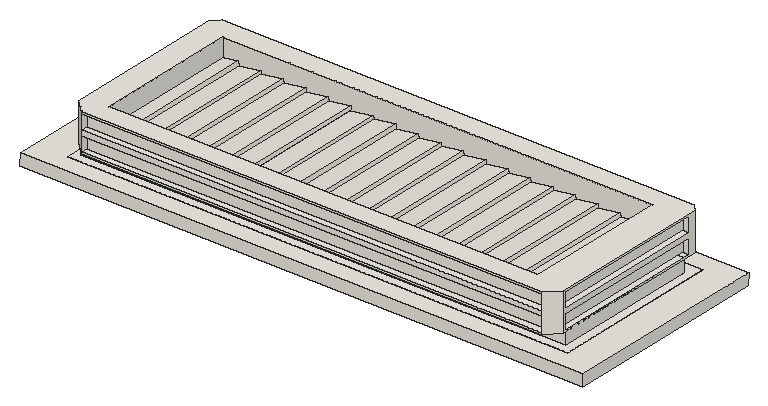
Revit family "Head of Stair Louvre Vent", category Generic Models, host Roof, Revit 2018
Family settings
  Host = Roof
  Can host rebar = No
  Round Connector Dimension = Use Diameter
  Part Type = Normal
  Always vertical = No
  Cut with Voids When Loaded = Yes
  Shared = Yes
  Room Calculation Point = No
Parameters (values of type "1m2 Head of Stairs louvre")
  Width = 700 mm
  Weight = "100 kg"
  URL = ""
  Revision = "1"
  Number of Blades = "21"
  Manufacturer = "EMB"
  Main Material Metal = Powder Coated Aluminium RAL 9010
  Height = "290 mm"
  Geometric Free Area = "At least 1.0 m2"
  Length = 2815 mm  # constant formula
  Flange Width = 3265 mm
  Flange Length = 1150 mm
  Description = "Roof mounted louvre vent designed to provide 1m2 free area"
  Date of Issue = "28.08.18"
  Current = 0.8 A
  Cost = 0
  Certification = "CE EN12101-2"
  Blades Material = Metal
  Author = "R.P."
  Assembly Code = "Smokejet"
Reference planes
  plane 1 "Center (Front/Back)": y = 0
  plane 2 "Roof": z = 4000
  plane 3 "Center (Left/Right)": x = 0
  plane 4 "Bottom of hatch on section": z = 4152.4
  plane 5: x = 400
  plane 6: x = -400
  plane 7: x = 497
  plane 8: x = -497
  plane 9 "Far right plan": x = 605
  plane 10 "Far left plan": x = -605
  plane 11: x = 535
  plane 12: x = -535
  plane 13 "Top of flange on section": z = 4172.4
  plane 14 "Bottom of louvre section": z = 4242.4
  plane 15 "Top of hatch section": z = 4462.4
  plane 16 "Right of louvre plan": x = 607
  plane 17 "Left of louvre plan": x = -605
  plane 18: y = 490
  plane 19: y = -450
  plane 20: y = 450
  plane 21: y = 442
  plane 22: y = -442
  plane 23: y = 415
  plane 24: y = -415
  plane 25: y = 404
  plane 26: y = -404
  plane 27: y = -490
  plane 28: y = 530
  plane 29: y = -530
  plane 30 "2": x = 802
  plane 31 "3": x = -800
  plane 32: y = 600
  plane 33: y = -600
  plane 34: y = -350
  plane 35: y = 350
  plane 36 "4": x = 1409
  plane 37 "5": x = -1407
  plane 38 "6": x = 1633.5
  plane 39 "7": x = -1631.5
  plane 40 "8": x = -1507
  plane 41 "9": x = 1507
  plane 42 "10": x = -1369
  plane 43 "11": x = 1371
Forms (mm)
  Extrusion 1, solid, material "Powder Coated Aluminium RAL 9010" <- "Main Material Metal"
    sketch origin (0, 0, 4242.4) x (-1, 0, 0) y (0, -1, 0)
      loop
        line (1365.935, -530) -> (1407, -488.935) -> (1407, 455.528) -> (1332.528, 530) -> (-1337.557, 530) -> (-1409, 458.557) -> (-1409, -491.963) -> (-1370.963, -530) -> (1365.935, -530)
    from 0 to 220
  Extrusion 2, solid, material "Powder Coated Aluminium RAL 9010" <- "Main Material Metal"
    sketch origin (0, 0, 4172.4) x (-1, 0, 0) y (0, -1, 0)
      loop
        line (1407, 442) -> (-1409, 442) -> (-1409, -415) -> (1407, -415) -> (1407, 442)
      loop
        line (366.233, -404) -> (366.233, 415) -> (-364.806, 415) -> (-364.806, -404) -> (366.233, -404)
    from 0 to 80
  Extrusion 3, solid, material "Powder Coated Aluminium RAL 9010" <- "Main Material Metal"
    sketch origin (0, 0, 4172.4) x (-1, 0, 0) y (0, -1, 0)
      loop
        line (1446.5, -490) -> (1446.5, 490) -> (-1455.218, 490) -> (-1455.218, -490) -> (1446.5, -490)
      loop
        line (1407, -404) -> (1407, 442) -> (-1409, 442) -> (-1409, -404) -> (1407, -404)
    from 0 to -20
  Extrusion 4, solid, material "Powder Coated Aluminium RAL 9010" <- "Main Material Metal"
    sketch origin (0, 0, 4172.4) x (-1, 0, 0) y (0, -1, 0)
      loop
        line (-1633.5, 600) -> (-1633.5, -600) -> (1631.5, -600) -> (1631.5, 600) -> (-1633.5, 600)
      loop
        line (1407, -405) -> (1407, 420) -> (-1409, 420) -> (-1409, -405) -> (1407, -405)
    from -67.06 to 0
  Extrusion 5, void
    sketch origin (0, 0, 4462.4) x (-1, 0, 0) y (0, -1, 0)
      loop
        line (1407, -450) -> (1407, 450) -> (1369, 450) -> (1369, -450) -> (1407, -450)
    from -95 to -10
  Extrusion 6, void
    sketch origin (0, 0, 4462.4) x (-1, 0, 0) y (0, -1, 0)
      loop
        line (1407, -450) -> (1407, 450) -> (1369, 450) -> (1369, -450) -> (1407, -450)
    from -210 to -125
  Extrusion 7, void
    sketch origin (0, 0, 4462.4) x (-1, 0, 0) y (0, -1, 0)
      loop
        line (-1371, -450) -> (-1371, 450) -> (-1409, 450) -> (-1409, -450) -> (-1371, -450)
    from -210 to -125
  Extrusion 8, void
    sketch origin (0, 0, 4462.4) x (-1, 0, 0) y (0, -1, 0)
      loop
        line (-1371, -450) -> (-1371, 450) -> (-1409, 450) -> (-1409, -450) -> (-1371, -450)
    from -95 to -10
  Extrusion 9, void
    sketch origin (0, -60, 4462.4) x (-1, 0, 0) y (0, -1, 0)
      loop
        line (1365.935, -550) -> (-1370.963, -550) -> (-1370.963, -590) -> (1365.935, -590) -> (1365.935, -550)
    from -95 to -10
  Extrusion 10, void
    sketch origin (0, 0, 4462.4) x (-1, 0, 0) y (0, -1, 0)
      loop
        line (1365.935, -490) -> (-1370.963, -490) -> (-1370.963, -530) -> (1365.935, -530) -> (1365.935, -490)
    from -210 to -125
  Extrusion 11, void
    sketch origin (0, 0, 4462.4) x (-1, 0, 0) y (0, -1, 0)
      loop
        line (1332.528, 490) -> (1332.528, 530) -> (-1337.557, 530) -> (-1337.557, 490) -> (1332.528, 490)
    from -210 to -125
  Extrusion 12, void
    sketch origin (0, 0, 4462.4) x (-1, 0, 0) y (0, -1, 0)
      loop
        line (-1337.557, 530) -> (-1337.557, 490) -> (1332.528, 490) -> (1332.528, 530) -> (-1337.557, 530)
    from -95 to -10
  Extrusion 13, void
    sketch origin (0, 0, 4462.4) x (-1, 0, 0) y (0, -1, 0)
      loop
        line (1267, -415) -> (1267, 415) -> (-1225.801, 415) -> (-1225.801, -415) -> (1267, -415)
    from -400 to 0
  Extrusion 14, solid, material "Powder Coated Aluminium RAL 9010" <- "Main Material Metal"
    sketch origin (20, 0, 20) x (1, 0, 0) y (0, 0, 1)
      loop
        line (-411.334, 4324.07) -> (-413.008, 4334.638) -> (-415.971, 4334.168) -> (-413.828, 4320.637) -> (-410.865, 4321.107) -> (-279.916, 4341.847) -> (-277.112, 4324.141) -> (-274.149, 4324.611) -> (-277.422, 4345.279) -> (-411.334, 4324.07)
      loop
        line (-280.55, 4320.789) -> (-282.224, 4331.357) -> (-285.187, 4330.888) -> (-283.044, 4317.357) -> (-280.081, 4317.826) -> (-148.552, 4338.658) -> (-145.977, 4322.397) -> (-143.014, 4322.867) -> (-146.059, 4342.091) -> (-280.55, 4320.789)
      loop
        line (-150.286, 4320.789) -> (-151.96, 4331.357) -> (-154.923, 4330.888) -> (-152.78, 4317.357) -> (-149.817, 4317.826) -> (-18.288, 4338.658) -> (-15.713, 4322.397) -> (-12.75, 4322.867) -> (-15.794, 4342.091) -> (-150.286, 4320.789)
      loop
        line (-20.022, 4320.789) -> (-21.695, 4331.357) -> (-24.658, 4330.888) -> (-22.515, 4317.357) -> (-19.552, 4317.826) -> (111.976, 4338.658) -> (114.552, 4322.397) -> (117.515, 4322.867) -> (114.47, 4342.091) -> (-20.022, 4320.789)
      loop
        line (109.978, 4320.789) -> (108.305, 4331.357) -> (105.342, 4330.888) -> (107.485, 4317.357) -> (110.448, 4317.826) -> (241.976, 4338.658) -> (244.552, 4322.397) -> (247.515, 4322.867) -> (244.47, 4342.091) -> (109.978, 4320.789)
      loop
        line (240.243, 4320.789) -> (238.569, 4331.357) -> (235.606, 4330.888) -> (237.749, 4317.357) -> (240.712, 4317.826) -> (372.241, 4338.658) -> (374.816, 4322.397) -> (377.779, 4322.867) -> (374.734, 4342.091) -> (240.243, 4320.789)
      loop
        line (-541.599, 4324.07) -> (-543.272, 4334.638) -> (-546.236, 4334.168) -> (-544.092, 4320.637) -> (-541.129, 4321.107) -> (-410.18, 4341.847) -> (-407.664, 4325.96) -> (-404.701, 4326.43) -> (-407.686, 4345.279) -> (-541.599, 4324.07)
      loop
        line (-672.383, 4327.351) -> (-674.056, 4337.918) -> (-677.02, 4337.449) -> (-674.876, 4323.918) -> (-671.913, 4324.387) -> (-540.964, 4345.128) -> (-538.16, 4327.422) -> (-535.197, 4327.891) -> (-538.47, 4348.56) -> (-672.383, 4327.351)
      loop
        line (-802.647, 4327.351) -> (-804.321, 4337.918) -> (-807.284, 4337.449) -> (-805.141, 4323.918) -> (-802.178, 4324.387) -> (-671.229, 4345.128) -> (-668.642, 4328.794) -> (-665.679, 4329.263) -> (-668.735, 4348.56) -> (-802.647, 4327.351)
      loop
        line (-933.431, 4329.332) -> (-935.105, 4339.899) -> (-938.068, 4339.43) -> (-935.925, 4325.899) -> (-932.962, 4326.369) -> (-802.013, 4347.109) -> (-799.208, 4329.403) -> (-796.245, 4329.873) -> (-799.519, 4350.541) -> (-933.431, 4329.332)
      loop
        line (-1063.695, 4330.631) -> (-1065.369, 4341.199) -> (-1068.332, 4340.73) -> (-1066.189, 4327.199) -> (-1063.226, 4327.668) -> (-932.277, 4348.408) -> (-929.473, 4330.703) -> (-926.51, 4331.172) -> (-929.783, 4351.841) -> (-1063.695, 4330.631)
      loop
        line (-1193.96, 4328.913) -> (-1195.634, 4339.48) -> (-1198.597, 4339.011) -> (-1196.454, 4325.48) -> (-1193.491, 4325.949) -> (-1062.541, 4346.69) -> (-1060.237, 4332.142) -> (-1057.274, 4332.612) -> (-1060.048, 4350.122) -> (-1193.96, 4328.913)
      loop
        line (-1324.224, 4330.631) -> (-1325.898, 4341.199) -> (-1328.861, 4340.73) -> (-1326.718, 4327.199) -> (-1323.755, 4327.668) -> (-1192.806, 4348.408) -> (-1190.001, 4330.703) -> (-1187.038, 4331.172) -> (-1190.312, 4351.841) -> (-1324.224, 4330.631)
      loop
        line (370.507, 4320.789) -> (368.833, 4331.357) -> (365.87, 4330.888) -> (368.013, 4317.357) -> (370.976, 4317.826) -> (502.505, 4338.658) -> (505.081, 4322.397) -> (508.044, 4322.867) -> (504.999, 4342.091) -> (370.507, 4320.789)
      loop
        line (500.772, 4320.789) -> (499.098, 4331.357) -> (496.135, 4330.888) -> (498.278, 4317.357) -> (501.241, 4317.826) -> (632.769, 4338.658) -> (635.345, 4322.397) -> (638.308, 4322.867) -> (635.263, 4342.091) -> (500.772, 4320.789)
      loop
        line (631.036, 4320.789) -> (629.362, 4331.357) -> (626.399, 4330.888) -> (628.542, 4317.357) -> (631.505, 4317.826) -> (763.034, 4338.658) -> (765.609, 4322.397) -> (768.572, 4322.867) -> (765.528, 4342.091) -> (631.036, 4320.789)
      loop
        line (761.036, 4320.789) -> (759.362, 4331.357) -> (756.399, 4330.888) -> (758.542, 4317.357) -> (761.505, 4317.826) -> (893.034, 4338.658) -> (895.609, 4322.397) -> (898.572, 4322.867) -> (895.528, 4342.091) -> (761.036, 4320.789)
      loop
        line (891.3, 4320.789) -> (889.627, 4331.357) -> (886.663, 4330.888) -> (888.807, 4317.357) -> (891.77, 4317.826) -> (1023.298, 4338.658) -> (1025.874, 4322.397) -> (1028.837, 4322.867) -> (1025.792, 4342.091) -> (891.3, 4320.789)
      loop
        line (1021.3, 4320.789) -> (1019.627, 4331.357) -> (1016.663, 4330.888) -> (1018.807, 4317.357) -> (1021.77, 4317.826) -> (1153.298, 4338.658) -> (1155.874, 4322.397) -> (1158.837, 4322.867) -> (1155.792, 4342.091) -> (1021.3, 4320.789)
      loop
        line (1151.565, 4320.789) -> (1149.891, 4331.357) -> (1146.928, 4330.888) -> (1149.071, 4317.357) -> (1152.034, 4317.826) -> (1283.563, 4338.658) -> (1286.138, 4322.397) -> (1289.101, 4322.867) -> (1286.056, 4342.091) -> (1151.565, 4320.789)
    from -404 to 426.358
  Extrusion 15, void
    sketch origin (0, 0, 4462.4) x (-1, 0, 0) y (0, -1, 0)
      loop
        line (1267, -415) -> (1267, 415) -> (-1225.801, 415) -> (-1225.801, -415) -> (1267, -415)
    from -1500 to -300
Cuts and joins
  Extrusion 5, Extrusion 6, Extrusion 7, Extrusion 8, Extrusion 9, Extrusion 10, Extrusion 11, Extrusion 12, Extrusion 13 cuts Extrusion 1
  Extrusion 13 cuts Extrusion 2
  Extrusion 15 cuts Extrusion 3
Dimensions and locks
  equal spacing: host sketch curve, plane 3 "Center (Left/Right)", host sketch curve
  equal spacing: host sketch curve, plane 1 "Center (Front/Back)", host sketch curve
  plane 10 "Far left plan" to plane 12 = 70 mm
  plane 12 to plane 8 = 38 mm  (x2)
  plane 8 to plane 6 = 97 mm  (x2)
  plane 6 to plane 3 "Center (Left/Right)" = 400 mm  (x2)
  plane 3 "Center (Left/Right)" to plane 9 "Far right plan" = 605 mm
  plane 10 "Far left plan" to plane 9 "Far right plan" = 1210 mm
  plane 29 to plane 1 "Center (Front/Back)" = 530 mm
  plane 29 to plane 28 = 1060 mm
  plane 29 to plane 27 = 40 mm
  plane 27 to plane 19 = 40 mm
  plane 24 to plane 26 = 11 mm
  plane 31 "3" to plane 30 "2" = 1602 mm
  plane 31 "3" to plane 17 "Left of louvre plan" = 195 mm
  plane 17 "Left of louvre plan" to plane 12 = 70 mm
  plane 26 to plane 1 "Center (Front/Back)" = 404 mm
  plane 1 "Center (Front/Back)" to plane 25 = 404 mm
  plane 3 "Center (Left/Right)" to plane 36 "4" = 1409 mm
  plane 37 "5" to plane 36 "4" = 2816 mm
  plane 39 "7" to plane 38 "6" = 3265 mm
  aligned and locked: level to plane 2 "Roof"
Connectors
  electrical at (0, 0, 4172.4)
    settings: index 1, voltage 0 V, apparent load 1 VA, apparent load phase1 0 VA, apparent load phase2 0 VA, apparent load phase3 0 VA, power factor 1, load classification "Other", number of poles 1, system type 30, power factor state 1, is connector primary yes, connector utility no, sub classification motor no, connector description ""
